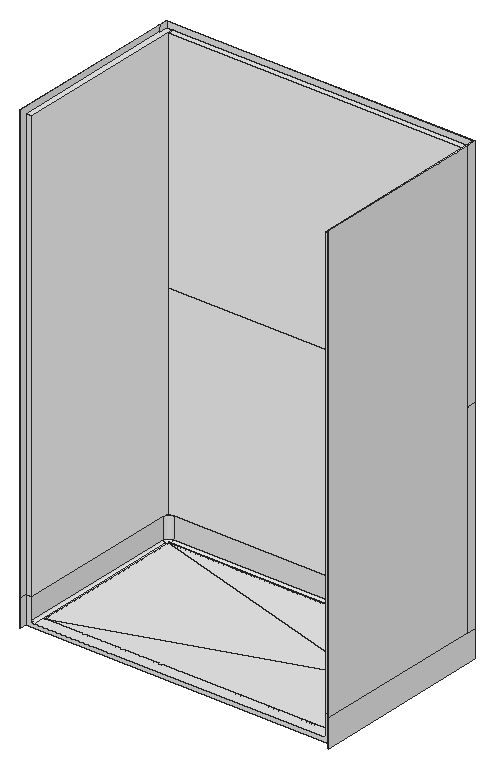
Revit family "5LBS5430FBE75T,E2T,E75B,E2B", category Plumbing Fixtures, Revit 2017
Family settings
  Round Connector Dimension = Use Diameter
  Part Type = Normal
  OmniClass Number = 23.45.05.14.17
  OmniClass Title = Showers
  Work Plane-Based = No
  Always vertical = Yes
  Cut with Voids When Loaded = No
  Shared = No
  Room Calculation Point = No
Parameters (values of type "5LBS5430FBE75T")
  Unit Width = 54"
  Unit Height = 81 1/4"
  Unit Depth = 31"
  URL = "http://www.bestbath.com/"
  Type Comments = "Barrier Free"
  Threshold Height = 3/4"
  Model = "5LBS5430FBE75T"
  Material [instance] = Best Bath Gelcoat Fiberglass - Smooth
  Manufacturer = "Best Bath Systems, Inc."
  Keynote = "22 40 00.B3"
  Description = "4 x 8 Subway Tile, Traditionals Bull Nose Threshold"
  Assembly Code = "D2010710"
Types (5): name | Unit Height | Threshold Height | Model | Material | Description
  (no name) | 81 1/4" | 3/4" | "5LBS5430FBE75T" | Best Bath Gelcoat Fiberglass - Smooth | "4 x 8 Subway Tile, Traditionals Bull Nose Threshold"
  5LBS5430FBE75B | 81 1/4" | 3/4" | "5LBS5430FBE75B" | Best Bath Gelcoat Fiberglass - Smooth | "4 x 8 Subway Tile, Beveled Threshold"
  5LBS5430FBE75T | 81 1/4" | 3/4" | "5LBS5430FBE75T" | Best Bath Gelcoat Fiberglass - Smooth | "4 x 8 Subway Tile, Traditionals Bull Nose Threshold"
  5LBS5430FBE2T | 82 1/2" | 2" | "5LBS5430FBE2T" | Best Bath Gelcoat Fiberglass - Smooth | "4 x 8 Subway Tile, Traditionals Bull Nose Threshold"
  5LBS5430FBE2B | 82 1/2" | 2" | "5LBS5430FBE2B" | Best Bath Gelcoat Fiberglass - RealTile | "4 x 8 Subway Tile, Beveled Threshold"
Reference planes (in)
  plane 1: z = 0
  plane 2 "Left": x = 0
  plane 3: z = 80.25
  plane 4: z = 81.25
  plane 5: y = 5.36165
  plane 6: y = 36.36165
  plane 7: x = 54
  plane 8: y = 35.11165
  plane 9: y = 22.36165
  plane 10: z = 0.375
  plane 11: z = 0.75
  plane 12: z = 40.25
  plane 13: z = 4.75
  plane 14: y = 4.36165
  plane 15: y = 5.36165
  plane 16: x = 45.5
Forms (in)
  Extrusion 1, solid, material "Best Bath Gelcoat Fiberglass - Smooth"
    sketch origin (0, 0, 0) x (1, 0, 0) y (0, 1, 0)
      loop
        line (0, 5.36165) -> (54, 5.36165) -> (54, 36.36165) -> (0, 36.36165) -> (0, 5.36165)
      loop
        circle (45.5032, 22.36165) r 2.125
    from 0 to 0.75
  Extrusion 2, solid, material "Best Bath Gelcoat Fiberglass - Smooth" <- "Material"
    sketch origin (0, 0, 0) x (1, 0, 0) y (0, 1, 0)
      loop
        line (1.25, 36.23665) -> (1.25, 35.11165) -> (52.75, 35.11165) -> (52.75, 36.23665) -> (1.25, 36.23665)
    from 4.75 to 40.25
  Blend 3, void
    base sketch origin (0, 0, 0) x (1, 0, 0) y (0, 1, 0)
      loop
        line (1.875, 7.36165) -> (52.125, 7.36165) -> (52.125, 34.48665) -> (1.875, 34.48665) -> (1.875, 7.36165)
    top sketch origin (0, 0, 0) x (1, 0, 0) y (0, 1, 0)
      loop
        circle (45.49922, 22.36165) r 0.07952
    from 0.75 to 0.375
  Extrusion 4, solid, material "Best Bath Gelcoat Fiberglass - Smooth" <- "Material"
    sketch origin (0, 0, 0) x (1, 0, 0) y (0, 1, 0)
      loop
        line (1.25, 36.36165) -> (1.25, 35.11165) -> (52.75, 35.11165) -> (52.75, 36.36165) -> (1.25, 36.36165)
    from 40.25 to 80.25
  Extrusion 5, solid, material "Best Bath Gelcoat Fiberglass - Smooth"
    sketch origin (0.25, 0, 0) x (1, 0, 0) y (0, 1, 0)
      loop
        line (53.625, 5.36165) -> (53.625, 36.23665) -> (52.5, 36.23665) -> (52.5, 5.36165) -> (53.625, 5.36165)
      loop
        line (-0.125, 5.36165) -> (1, 5.36165) -> (1, 36.23665) -> (-0.125, 36.23665) -> (-0.125, 5.36165)
    from 4.75 to 80.25
  Extrusion 6, solid, material "Best Bath Gelcoat Fiberglass - Smooth"
    sketch origin (0, 0, 0) x (1, 0, 0) y (0, 1, 0)
      loop
        line (0, 36.36165) -> (0, 5.36165) -> (1.25, 5.36165) -> (1.25, 34.11165)
        arc (1.25, 34.11165) -> (1.54289, 34.81875) -> (2.25, 35.11165) r 1
        line (2.25, 35.11165) -> (51.75, 35.11165)
        arc (51.75, 35.11165) -> (52.45711, 34.81875) -> (52.75, 34.11165) r 1
        line (52.75, 34.11165) -> (52.75, 5.36165) -> (54, 5.36165) -> (54, 35.11165) -> (54, 36.36165) -> (0, 36.36165)
    from 0 to 4.75
  Sweep 7, solid, material "Best Bath Gelcoat Fiberglass - Smooth"
    path origin (0, 0, 0) x (1, 0, 0) y (0, 1, 0)
      loop
        line (1.25, 5.36165) -> (1.25, 34.11165)
        arc (1.25, 34.11165) -> (1.54289, 34.81875) -> (2.25, 35.11165) r 1
        line (2.25, 35.11165) -> (51.75, 35.11165)
        arc (51.75, 35.11165) -> (52.45711, 34.81875) -> (52.75, 34.11165) r 1
        line (52.75, 34.11165) -> (52.75, 5.36165)
    profile origin (1.25, 19.73665, 0) x (-1, 0, 0) y (0, 0, 1)
      loop
        line (0, 0.75) -> (0, 1.125)
        arc (0, 1.125) -> (-0.10983, 0.85983) -> (-0.375, 0.75) r 0.375
        line (-0.375, 0.75) -> (0, 0.75)
  Extrusion 8, solid, material "Best Bath Gelcoat Fiberglass - Smooth"
    sketch origin (0, 0, 0) x (1, 0, 0) y (0, 1, 0)
      loop
        line (0, 4.36165) -> (0.125, 4.36165) -> (0.125, 5.36165) -> (0, 5.36165) -> (0, 4.36165)
      loop
        line (54, 4.36165) -> (54, 5.36165) -> (53.875, 5.36165) -> (53.875, 4.36165) -> (54, 4.36165)
    from 0 to 4.75
  Extrusion 9, solid, material "Best Bath Gelcoat Fiberglass - Smooth" <- "Material"
    sketch origin (0, 0, 0) x (1, 0, 0) y (0, 1, 0)
      loop
        line (0, 36.36165) -> (0, 34.86165) -> (0.125, 34.86165) -> (0.125, 36.23665) -> (53.875, 36.23665) -> (53.875, 34.86165) -> (54, 34.86165) -> (54, 36.36165) -> (0, 36.36165)
    from 40.25 to 81.25
  Extrusion 10, solid, material "Best Bath Gelcoat Fiberglass - Smooth"
    sketch origin (0, 0, 0) x (1, 0, 0) y (0, 1, 0)
      loop
        line (53.875, 4.36165) -> (54, 4.36165) -> (54, 34.86165) -> (53.875, 34.86165) -> (53.875, 4.36165)
      loop
        line (0.125, 4.36165) -> (0.125, 34.86165) -> (0, 34.86165) -> (0, 4.36165) -> (0.125, 4.36165)
    from 4.75 to 81.25
  Extrusion 11, solid, material "Best Bath Gelcoat Fiberglass - Smooth"
    sketch origin (0, 0, 0) x (1, 0, 0) y (0, 1, 0)
      loop
        line (0.12513, 36.23665) -> (53.87487, 36.23665) -> (53.87487, 34.86165) -> (54, 34.86165) -> (54, 36.36165) -> (0, 36.36165) -> (0, 34.86165) -> (0.12513, 34.86165) -> (0.12513, 36.23665)
    from 4.75 to 40.25
Cuts and joins
  Blend 3 cuts Extrusion 1
  joined: Extrusion 1, Extrusion 6, Sweep 7, Extrusion 8
  joined: Extrusion 4, Extrusion 9
  joined: Extrusion 5, Extrusion 10
Dimensions and locks (in)
  locked: plane 4 to plane 3 at 1
  "Unit Height": plane 4 to level
  "Unit Width": plane 2 "Left" to plane 7
  locked: plane 6 to plane 8 at 1.25
  plane 6 to plane 9 = 14"
  "Threshold Height": plane 11 to level
  locked: plane 11 to plane 10 at 0.375
  locked: plane 12 to plane 13 at 35.5
  locked: plane 13 to plane 11 at 4
  locked: plane 5 to plane 14 at 1
  "Unit Depth": plane 6 to plane 15
  plane 16 to cut or joined group of Extrusion 5, Extrusion 10 = 8 1/2"
  aligned and locked: level to plane 1
  aligned and locked: Extrusion 1 sketch curve to plane 5
  aligned and locked: Extrusion 1 sketch curve to plane 2 "Left"
  aligned and locked: plane 6 to Extrusion 1 sketch curve
  aligned and locked: Extrusion 1 sketch curve to plane 7
  aligned and locked: plane 9 to Extrusion 1 sketch curve
  aligned and locked: plane 11 to Extrusion 1
  aligned and locked: plane 9 to Blend 3 sketch curve
  aligned and locked: Extrusion 1 to Blend 3
  aligned and locked: Blend 3 to plane 10
  aligned and locked: plane 12 to Extrusion 2
  aligned and locked: plane 3 to Extrusion 4
  aligned and locked: plane 3 to Extrusion 5
  aligned and locked: plane 13 to Extrusion 6
  aligned and locked: Extrusion 5 to plane 13
  aligned and locked: Extrusion 2 to plane 13
  aligned and locked: Sweep 7 sketch curve to plane 11
  aligned and locked: Extrusion 8 to Extrusion 2
  aligned and locked: plane 4 to Extrusion 9
  aligned and locked: Extrusion 10 to Extrusion 2
  aligned and locked: plane 4 to Extrusion 10
  aligned and locked: cut or joined group of Extrusion 5, Extrusion 10 to Extrusion 4 sketch curve
  aligned and locked: Extrusion 4 sketch curve to cut or joined group of Extrusion 5, Extrusion 10
  aligned and locked: Extrusion 2 sketch curve to cut or joined group of Extrusion 4, Extrusion 9  (x2)
  aligned and locked: Extrusion 11 to Extrusion 2
  aligned and locked: cut or joined group of Extrusion 4, Extrusion 9 to plane 12
Automatic sketch dimensions
  Extrusion 2 sketch curve to plane 8 = 0"
  Extrusion 2 sketch curve to plane 6 = 1/8"
  Blend 3 sketch curve to plane 8 = 5/8"
  plane 2 "Left" to Blend 3 sketch curve = 1 7/8"
  plane 7 to Blend 3 sketch curve = 1 7/8"
  plane 5 to Blend 3 sketch curve = 2"
  Extrusion 4 sketch curve to plane 8 = 0"
  Extrusion 4 sketch curve to plane 6 = 0"
  Extrusion 5 sketch curve to plane 5 = 0"  (x2)
  plane 2 "Left" to Extrusion 5 sketch curve = 1/8"
  Extrusion 5 sketch curve to Extrusion 5 sketch curve = 1 1/8"
  plane 7 to Extrusion 5 sketch curve = 1 1/4"
  plane 7 to Extrusion 5 sketch curve = 1/8"
  Extrusion 5 sketch curve to plane 6 = 1/8"  (x2)
  Extrusion 6 sketch curve to plane 2 "Left" = 0"
  Extrusion 6 sketch curve to plane 5 = 0"  (x2)
  Extrusion 6 sketch curve to plane 8 = 0"  (x2)
  Extrusion 6 sketch curve to plane 7 = 0"
  Extrusion 6 sketch curve to plane 6 = 0"
  Extrusion 6 sketch curve to Extrusion 6 sketch curve = 1 1/4"
  Extrusion 6 sketch curve to Extrusion 6 sketch curve = 1"
  Extrusion 6 sketch curve to plane 8 = 1"
  plane 7 to Extrusion 6 sketch curve = 2 1/4"
  Sweep 7 sketch curve to plane 5 = 0"  (x2)
  Sweep 7 sketch curve to plane 8 = 0"
  plane 2 "Left" to Sweep 7 sketch curve = 1 1/4"
  Sweep 7 sketch curve to Sweep 7 sketch curve = 1"
  Sweep 7 sketch curve to plane 8 = 1"
  plane 7 to Sweep 7 sketch curve = 2 1/4"
  Sweep 7 sketch curve to profile plane = 0"
  profile plane to Sweep 7 sketch curve = 3/8"
  Extrusion 8 sketch curve to plane 2 "Left" = 0"
  Extrusion 8 sketch curve to plane 5 = 0"  (x2)
  Extrusion 8 sketch curve to plane 14 = 0"  (x2)
  Extrusion 8 sketch curve to plane 7 = 0"
  plane 2 "Left" to Extrusion 8 sketch curve = 1/8"
  plane 7 to Extrusion 8 sketch curve = 1/8"
  Extrusion 9 sketch curve to plane 2 "Left" = 0"
  Extrusion 9 sketch curve to plane 7 = 0"
  Extrusion 9 sketch curve to plane 6 = 0"
  Extrusion 9 sketch curve to Extrusion 9 sketch curve = 1/8"
  plane 7 to Extrusion 9 sketch curve = 1/8"
  Extrusion 9 sketch curve to plane 6 = 1/8"
  Extrusion 9 sketch curve to plane 8 = 1/4"  (x2)
  Extrusion 10 sketch curve to plane 2 "Left" = 0"
  Extrusion 10 sketch curve to plane 14 = 0"  (x2)
  Extrusion 10 sketch curve to plane 7 = 0"
  plane 2 "Left" to Extrusion 10 sketch curve = 1/8"
  plane 7 to Extrusion 10 sketch curve = 1/8"
  Extrusion 10 sketch curve to plane 8 = 1/4"  (x2)
  Extrusion 11 sketch curve to plane 2 "Left" = 0"
  Extrusion 11 sketch curve to plane 6 = 0"
  Extrusion 11 sketch curve to plane 7 = 0"
  plane 2 "Left" to Extrusion 11 sketch curve = 0.12513"
  plane 7 to Extrusion 11 sketch curve = 0.12513"
  Extrusion 11 sketch curve to plane 6 = 1/8"
  Extrusion 11 sketch curve to plane 8 = 1/4"  (x2)
  Extrusion 1 sketch curve to plane 16 = 0.0032"
  plane 16 to Blend 3 sketch curve = 0.00078"
  radius of Extrusion 1 sketch curve = 2 1/8"
  radius of Blend 3 sketch curve = 0.07952"
